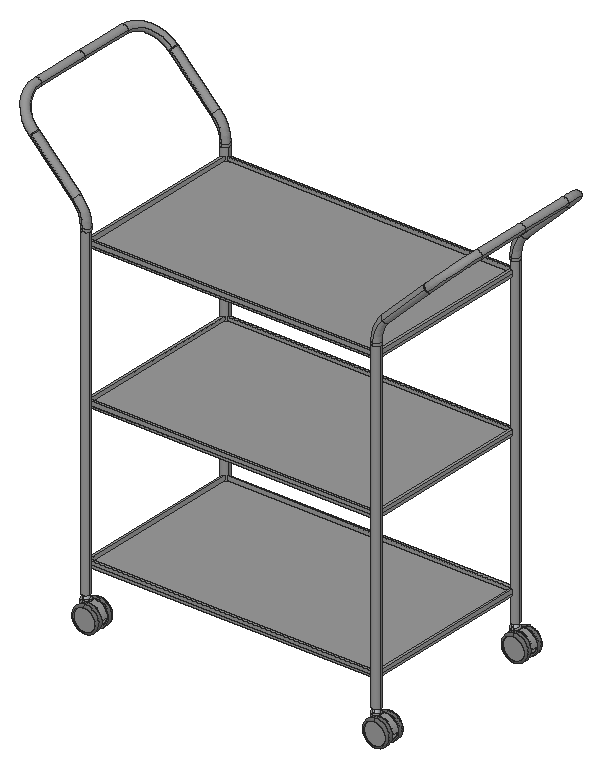
Revit family "Столик для аппаратуры", category Оборудование, Revit 2017
Family settings
  Размер круглого соединителя = Использовать диаметр
  Тип детали = Нормальный
  На основе рабочей плоскости = Нет
  Всегда вертикально = Да
  При загрузке вырезать с полостями = Нет
  Общий = Нет
  Точка расчета площади = Нет
Parameters (values of type "Тип")
  Общ_Ширина = 850.0 mm
  Общ_Тип, марка = "ДМ-6-010-19"
  Общ_Примечание КР [instance] = ""
  Общ_Примечание АР [instance] = ""
  Общ_Примечание = ""
  Общ_Поставщик = "Доктор Мебель"
  Общ_Позиция = ""
  Общ_Наименование = "Столик для аппаратуры, 3 полки"
  Общ_Масса = ""
  Общ_Код продукции = ""
  Общ_Единицы измерения = "шт."
  Общ_Глубина = 435.0 mm
  Общ_Высота = 950.0 mm
  Keynote = ""
  Model = ""
Reference planes
  plane 1 "По центру (Вперед/Назад)": y = 0
  plane 2: z = 0
  plane 3 "По центру (Влево/Вправо)": x = 0
  plane 4: y = 212.5
  plane 5: y = -212.5
  plane 6: through (-355, -1524, 910) normal (-0.7071, 0, -0.7071)
  plane 7: x = 355
  plane 8: x = -355
Forms (mm)
  Extrusion 1, solid, material "Сталь, нержавеющая AISI 304"
    sketch origin (0, 0, 0) x (1, 0, 0) y (0, 1, 0)
      loop
        circle (-355, 212.5) r 10
      loop
        circle (355, 212.5) r 10
      loop
        circle (-355, -212.5) r 10
      loop
        circle (355, -212.5) r 10
    from 75 to 870
  Sweep 2, solid, material "Сталь, нержавеющая AISI 304"
    path origin (-555, -212.5, 1200) x (-1, 0, 0) y (0, 0, 1)
      loop
        line (-200, -330) -> (-200, -323.137)
        arc (-200, -323.137) -> (-193.91, -292.522) -> (-176.569, -266.569) r 80
        line (-176.569, -266.569) -> (-72.721, -162.721)
    profile origin (-430.355, -212.5, 985.355) x (0.707107, 0, 0.707107) y (0, 1, 0)
      loop
        circle (0, 0) r 10
  Sweep 3, solid, material "Сталь, нержавеющая AISI 304"
    path origin (-355, -1524, 910) x (0.707107, 0, -0.707107) y (0, -1, 0)
      loop
        arc (-180, -1311.5) -> (-236.569, -1334.931) -> (-260, -1391.5) r 80
        line (-260, -1391.5) -> (-260, -1524)
    profile origin (-538.848, -66.25, 1093.848) x (0.707107, 0, -0.707107) y (-0.707107, 0, -0.707107)
      loop
        circle (0, 0) r 10
  Sweep 4, solid, material "Сталь, нержавеющая AISI 304"
    path origin (-555, 212.5, 1200) x (-1, 0, 0) y (0, 0, -1)
      loop
        line (-200, 330) -> (-200, 323.137)
        arc (-200, 323.137) -> (-193.91, 292.522) -> (-176.569, 266.569) r 80
        line (-176.569, 266.569) -> (-72.721, 162.721)
    profile origin (-430.355, 212.5, 985.355) x (-0.707107, 0, -0.707107) y (0, -1, 0)
      loop
        circle (0, 0) r 10
  Sweep 5, solid, material "Сталь, нержавеющая AISI 304"
    path origin (-355, 1524, 910) x (0.707107, 0, -0.707107) y (0, -1, 0)
      loop
        arc (-180, 1311.5) -> (-236.569, 1334.931) -> (-260, 1391.5) r 80
        line (-260, 1391.5) -> (-260, 1524)
    profile origin (-538.848, 66.25, 1093.848) x (-0.707107, 0, 0.707107) y (-0.707107, 0, -0.707107)
      loop
        circle (0, 0) r 10
  Sweep 6, solid, material "Сталь, нержавеющая AISI 304"
    path origin (555, -212.5, 1200) x (1, 0, 0) y (0, 0, -1)
      loop
        line (-200, 330) -> (-200, 323.137)
        arc (-200, 323.137) -> (-193.91, 292.522) -> (-176.569, 266.569) r 80
        line (-176.569, 266.569) -> (-72.721, 162.721)
    profile origin (430.355, -212.5, 985.355) x (0.707107, 0, -0.707107) y (0, 1, 0)
      loop
        circle (0, 0) r 10
  Sweep 7, solid, material "Сталь, нержавеющая AISI 304"
    path origin (355, -1524, 910) x (-0.707107, 0, -0.707107) y (0, 1, 0)
      loop
        arc (-180, 1311.5) -> (-236.569, 1334.931) -> (-260, 1391.5) r 80
        line (-260, 1391.5) -> (-260, 1524)
    profile origin (538.848, -66.25, 1093.848) x (0.707107, 0, 0.707107) y (0.707107, 0, -0.707107)
      loop
        circle (0, 0) r 10
  Sweep 8, solid, material "Сталь, нержавеющая AISI 304"
    path origin (555, 212.5, 1200) x (1, 0, 0) y (0, 0, 1)
      loop
        line (-200, -330) -> (-200, -323.137)
        arc (-200, -323.137) -> (-193.91, -292.522) -> (-176.569, -266.569) r 80
        line (-176.569, -266.569) -> (-72.721, -162.721)
    profile origin (430.355, 212.5, 985.355) x (-0.707107, 0, 0.707107) y (0, -1, 0)
      loop
        circle (0, 0) r 10
  Sweep 9, solid, material "Сталь, нержавеющая AISI 304"
    path origin (355, 1524, 910) x (-0.707107, 0, -0.707107) y (0, 1, 0)
      loop
        arc (-180, -1311.5) -> (-236.569, -1334.931) -> (-260, -1391.5) r 80
        line (-260, -1391.5) -> (-260, -1524)
    profile origin (538.848, 66.25, 1093.848) x (-0.707107, 0, -0.707107) y (0.707107, 0, -0.707107)
      loop
        circle (0, 0) r 10
  Extrusion 10, solid, material "Сталь, нержавеющая AISI 304"
    sketch origin (0, 0, 0) x (1, 0, 0) y (0, 1, 0)
      loop
        line (-355, 212.5) -> (-355, -212.5) -> (355, -212.5) -> (355, 212.5) -> (-355, 212.5)
    from 835 to 840
  Extrusion 11, solid, material "Сталь, нержавеющая AISI 304"
    sketch origin (0, 0, 0) x (1, 0, 0) y (0, 1, 0)
      loop
        line (355, 212.5) -> (-355, 212.5) -> (-355, -212.5) -> (355, -212.5) -> (355, 212.5)
      loop
        line (350, 207.5) -> (-350, 207.5) -> (-350, -207.5) -> (350, -207.5) -> (350, 207.5)
    from 850 to 840
  Extrusion 12, solid, material "Сталь, нержавеющая AISI 304"
    sketch origin (0, 0, 0) x (1, 0, 0) y (0, 1, 0)
      loop
        line (355, 212.5) -> (-355, 212.5) -> (-355, -212.5) -> (355, -212.5) -> (355, 212.5)
    from 135 to 140
  Extrusion 13, solid, material "Сталь, нержавеющая AISI 304"
    sketch origin (0, 0, 0) x (1, 0, 0) y (0, 1, 0)
      loop
        line (355, 212.5) -> (-355, 212.5) -> (-355, -212.5) -> (355, -212.5) -> (355, 212.5)
      loop
        line (-350, 207.5) -> (-350, -207.5) -> (350, -207.5) -> (350, 207.5) -> (-350, 207.5)
    from 150 to 140
  Extrusion 14, solid, material "Сталь, нержавеющая AISI 304"
    sketch origin (0, 0, 0) x (1, 0, 0) y (0, 1, 0)
      loop
        line (355, 212.5) -> (-355, 212.5) -> (-355, -212.5) -> (355, -212.5) -> (355, 212.5)
    from 485 to 490
  Extrusion 15, solid, material "Сталь, нержавеющая AISI 304"
    sketch origin (0, 0, 0) x (1, 0, 0) y (0, 1, 0)
      loop
        line (355, 212.5) -> (-355, 212.5) -> (-355, -212.5) -> (355, -212.5) -> (355, 212.5)
      loop
        line (-350, 207.5) -> (-350, -207.5) -> (350, -207.5) -> (350, 207.5) -> (-350, 207.5)
    from 500 to 490
Dimensions and locks
  aligned and locked: level to plane 2
Nested families
  nested 1: "Колесо для офисной мебели" at (355, 212.5, 0) x (0, 1, 0) z (0, 0, 1), type "Тип"
    with GKS_TH_Примечание ЭМ "", GKS_TH_Примечание СпецВода "", GKS_TH_Примечание СС "", GKS_TH_Примечание ОВ "", GKS_TH_Примечание МГ "", GKS_TH_Примечание КР "", GKS_TH_Примечание ВК "", GKS_TH_Примечание АР ""
  nested 2: "Колесо для офисной мебели" at (-355, 212.5, 0) x (0, -1, 0) z (0, 0, 1), type "Тип"
    with GKS_TH_Примечание ЭМ "", GKS_TH_Примечание СпецВода "", GKS_TH_Примечание СС "", GKS_TH_Примечание ОВ "", GKS_TH_Примечание МГ "", GKS_TH_Примечание КР "", GKS_TH_Примечание ВК "", GKS_TH_Примечание АР ""
  nested 3: "Колесо для офисной мебели" at (355, -212.5, 0) x (0, -1, 0) z (0, 0, 1), type "Тип"
    with GKS_TH_Примечание ЭМ "", GKS_TH_Примечание СпецВода "", GKS_TH_Примечание СС "", GKS_TH_Примечание ОВ "", GKS_TH_Примечание МГ "", GKS_TH_Примечание КР "", GKS_TH_Примечание ВК "", GKS_TH_Примечание АР ""
  nested 4: "Колесо для офисной мебели" at (-355, -212.5, 0) x (0, 1, 0) z (0, 0, 1), type "Тип"
    with GKS_TH_Примечание ЭМ "", GKS_TH_Примечание СпецВода "", GKS_TH_Примечание СС "", GKS_TH_Примечание ОВ "", GKS_TH_Примечание МГ "", GKS_TH_Примечание КР "", GKS_TH_Примечание ВК "", GKS_TH_Примечание АР ""
Definition of nested family "Колесо для офисной мебели"
  Parameters (values of type "Тип")
    Keynote = ""
    Model = "ТХ"  # constant formula
    GKS_TH_Цена_3 = 0
    GKS_TH_Цена_2 = 0
    GKS_TH_Цена_1 = 0
    GKS_TH_Примечание ЭМ [instance] = ""
    GKS_TH_Примечание СпецВода [instance] = ""
    GKS_TH_Примечание СС [instance] = ""
    GKS_TH_Примечание ОВ [instance] = ""
    GKS_TH_Примечание МГ [instance] = ""
    GKS_TH_Примечание КР [instance] = ""
    GKS_TH_Примечание ВК [instance] = ""
    GKS_TH_Примечание АР [instance] = ""
    GKS_TH_КодТСН = ""
    GKS_TH_Источник_3 = ""
    GKS_TH_Источник_2 = ""
    GKS_TH_Источник_1 = ""
  Reference planes
    plane 1 "По центру (Вперед/Назад)": y = 0
    plane 2: z = 0
    plane 3 "По центру (Влево/Вправо)": x = 0
  Forms (mm)
    Extrusion 1, solid
      sketch origin (-0.139, 104.186, 0) x (0, -1, 0) y (0, 0, 1)
        loop
          arc (149.336, 32.485) -> (140.525, 53.92) -> (119.186, 62.96) r 30.477
          arc (119.186, 62.96) -> (97.847, 53.92) -> (89.036, 32.485) r 30.477
          line (89.036, 32.485) -> (95.536, 32.485)
          arc (95.536, 32.485) -> (102.443, 49.324) -> (119.186, 56.46) r 23.977
          arc (119.186, 56.46) -> (135.929, 49.324) -> (142.836, 32.485) r 23.977
          line (142.836, 32.485) -> (149.336, 32.485)
      from -8 to 8
    Revolve 2, solid
      sketch origin (23.908, -15.007, 1200) x (-1, 0, 0) y (0, 0, 1)
        loop
          line (-0.937, -1141.717) -> (13.078, -1141.717) -> (13.078, -1137.006) -> (4.104, -1137.006)
          arc (4.104, -1137.006) -> (0.654, -1138.367) -> (-0.937, -1141.717) r 5.053
        axis (-0.937, -1168.5) -> (13.078, -1168.5)
      angle from 0 to 360
    Extrusion 3, solid
      sketch origin (-1.382, 6.475, 0) x (0, -1, 0) y (0, 0, 1)
        loop
          circle (21.482, 31.5) r 26.783
      from 9.8 to 22.25
    Revolve 4, solid
      sketch origin (-24.182, -15.007, 1200) x (1, 0, 0) y (0, 0, -1)
        loop
          arc (-0.937, 1141.717) -> (0.654, 1138.367) -> (4.104, 1137.006) r 5.053
          line (4.104, 1137.006) -> (13.078, 1137.006) -> (13.078, 1141.717) -> (-0.937, 1141.717)
        axis (-0.937, 1168.5) -> (13.078, 1168.5)
      angle from 0 to 360
    Extrusion 5, solid
      sketch origin (1.186, 6.475, 0) x (0, -1, 0) y (0, 0, -1)
        loop
          circle (21.482, -31.5) r 26.783
      from 9.8 to 22.25
    Revolve 6, solid
      sketch origin (0, 0, 0) x (1, 0, 0) y (0, 0, 1)
        loop
          line (0, 64.498) -> (-9.268, 64.498)
          arc (-9.268, 64.498) -> (-10.566, 63.96) -> (-11.104, 62.661) r 1.836
          line (-11.104, 62.661) -> (-11.104, 44.5)
          arc (-11.104, 44.5) -> (-7.743, 37.067) -> (0, 34.5) r 10.161
          line (0, 34.5) -> (0, 64.498)
        axis (0, 34.5) -> (0, 64.498)
      angle from 0 to 360
    Extrusion 7, solid
      sketch origin (0, 0, 0) x (1, 0, 0) y (0, 1, 0)
        loop
          circle (0, 0) r 6.35
      from 60 to 85
  Lines and regions (mm)
    symbolic lines, detail levels coarse+medium
      curve 1: line (-6.828, 0, 0) -> (6.828, 0, 0)
      curve 2: line (0, 6.828, 0) -> (0, -6.828, 0)
  Dimensions and locks
    aligned and locked: level to plane 2
